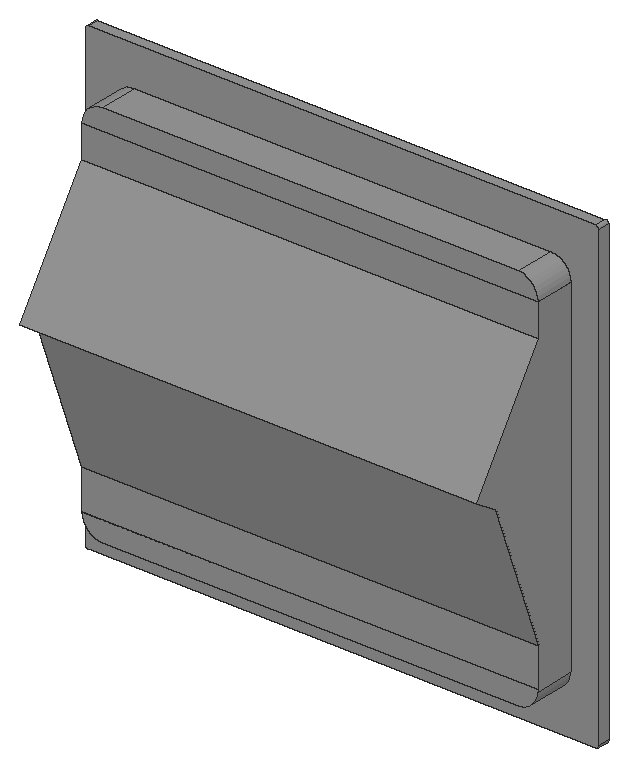
Revit family "L&L_LUCE&LIGHT_PASITO_1.1", category Lighting Fixtures, host Wall, Revit 2018 (continued)
Types (2, lengths in mm): name | built-in parameter 1150142 | Photometric Web File
    0 0.00 0.00 0.00 0.00 \r\n0.00 0.00 0.00 0.00 0.00 0.00 0.00 0.00 0.00 0.00 0.00 \r\n0.00 0.00 0.00 0.00 0.00 0.00 0.00 0.00 0.00 0.00 0.00 \r\n0.00 0.00 0.00 0.00 0.00 0.00 0.00 0.00 0.00 0.00 0.00 \r\n0.00 0.00 0.00 0.00 0.02 \r\n0.07 0.00 0.00 0.00 0.00 0.00 0.00 0.00 0.00 0.00 0.00 \r\n0.00 0.00 0.00 0.00 0.00 0.00 0.00 0.00 0.00 0.00 0.00 \r\n0.00 0.00 0.00 0.00 0.00 0.00 0.00 0.00 0.00 0.00 0.00 \r\n0.00 0.00 0.00 0.00 0.00 0.00 0.00 0.00 0.00 0.00 0.00 \r\n0.00 0.00 0.00 0.00 0.00 0.00 0.00 0.00 0.00 0.00 0.00 \r\n0.00 0.00 0.00 0.00 0.00 0.00 0.00 0.00 0.00 0.00 0.00 \r\n0.00 0.00 0.00 0.00 0.00 0.00 0.00 0.00 0.00 0.00 0.00 \r\n0.00 0.00 0.00 0.00 0.00 0.00 0.00 0.00 0.00 0.00 0.00 \r\n0.00 0.00 0.00 0.00 0.00 0.00 0.00 0.00 0.00 0.00 0.00 \r\n0.00 0.00 0.00 0.00 0.00 0.00 0.00 0.00 0.00 0.00 0.00 \r\n0.00 0.00 0.00 0.00 0.00 0.00 0.00 0.00 0.00 0.00 0.00 \r\n0.00 0.00 0.00 0.00 0.00 0.00 0.00 0.00 0.00 0.00 0.00 \r\n0.00 0.00 0.00 0.00 0.00 0.00 0.00 0.00 0.00 0.00 0.00 \r\n0.00 0.00 0.00 0.00 0.00 0.00 0.00 0.00 0.00 0.00 0.00 \r\n0.00 0.00 0.00 0.00 0.00 0.00 0.00 0.00 0.00 0.00 0.00 \r\n0.00 0.00 0.00 0.00 0.00 0.00 0.00 0.00 0.00 0.00 0.00 \r\n0.00 0.00 0.00 0.00 0.02 \r\n0.07 0.00 0.00 0.00 0.00 0.00 0.00 0.00 0.00 0.00 0.00 \r\n0.00 0.00 0.00 0.00 0.00 0.00 0.00 0.00 0.00 0.00 0.00 \r\n0.00 0.00 0.00 0.00 0.00 0.00 0.00 0.00 0.00 0.00 0.00 \r\n0.00 0.00 0.00 0.00 0.00 0.00 0.00 0.00 0.00 0.00 0.00 \r\n0.00 0.00 0.00 0.00 0.00 0.00 0.00 0.00 0.00 0.00 0.00 \r\n0.00 0.00 0.00 0.00 0.00 0.00 0.00 0.00 0.00 0.00 0.00 \r\n0.00 0.00 0.00 0.00 0.00 0.00 0.00 0.00 0.00 0.00 0.00 \r\n0.00 0.00 0.00 0.00 0.00 0.00 0.00 0.00 0.00 0.00 0.00 \r\n0.00 0.00 0.00 0.00 0.00 0.00 0.00 0.00 0.00 0.00 0.00 \r\n0.00 0.00 0.00 0.00 0.00 0.00 0.00 0.00 0.00 0.00 0.00 \r\n0.00 0.00 0.00 0.00 0.00 0.00 0.00 0.00 0.00 0.00 0.00 \r\n0.00 0.00 0.00 0.00 0.00 0.00 0.00 0.00 0.00 0.00 0.00 \r\n0.00 0.00 0.00 0.00 0.00 0.00 0.00 0.00 0.00 0.00 0.00 \r\n0.00 0.00 0.00 0.00 0.00 0.00 0.00 0.00 0.00 0.00 0.00 \r\n0.00 0.00 0.00 0.00 0.00 0.00 0.00 0.00 0.00 0.00 0.00 \r\n0.00 0.00 0.00 0.00 0.00 0.00 0.00 0.00 0.00 0.00 0.00 \r\n0.00 0.00 0.00 0.00 0.02 \r\n0.07 0.00 0.00 0.00 0.00 0.00 0.00 0.00 0.00 0.00 0.00 \r\n0.00 0.00 0.00 0.00 0.00 0.00 0.00 0.00 0.00 0.00 0.00 \r\n0.00 0.00 0.00 0.00 0.00 0.00 0.00 0.00 0.00 0.00 0.00 \r\n0.00 0.00 0.00 0.00 0.00 0.00 0.00 0.00 0.00 0.00 0.00 \r\n0.00 0.00 0.00 0.00 0.00 0.00 0.00 0.00 0.00 0.00 0.00 \r\n0.00 0.00 0.00 0.00 0.00 0.00 0.00 0.00 0.00 0.00 0.00 \r\n0.00 0.00 0.00 0.00 0.00 0.00 0.00 0.00 0.00 0.00 0.00 \r\n0.00 0.00 0.00 0.00 0.00 0.00 0.00 0.00 0.00 0.00 0.00 \r\n0.00 0.00 0.00 0.00 0.00 0.00 0.00 0.00 0.00 0.00 0.00 \r\n0.00 0.00 0.00 0.00 0.00 0.00 0.00 0.00 0.00 0.00 0.00 \r\n0.00 0.00 0.00 0.00 0.00 0.00 0.00 0.00 0.00 0.00 0.00 \r\n0.00 0.00 0.00 0.00 0.00 0.00 0.00 0.00 0.00 0.00 0.00 \r\n0.00 0.00 0.00 0.00 0.00 0.00 0.00 0.00 0.00 0.00 0.00 \r\n0.00 0.00 0.00 0.00 0.00 0.00 0.00 0.00 0.00 0.00 0.00 \r\n0.00 0.00 0.00 0.00 0.00 0.00 0.00 0.00 0.00 0.00 0.00 \r\n0.00 0.00 0.00 0.00 0.00 0.00 0.00 0.00 0.00 0.00 0.00 \r\n0.00 0.00 0.00 0.00 0.02 \r\n0.07 0.00 0.00 0.00 0.00 0.00 0.00 0.00 0.00 0.00 0.00 \r\n0.00 0.00 0.00 0.00 0.00 0.00 0.00 0.00 0.00 0.00 0.00 \r\n0.00 0.00 0.00 0.00 0.00 0.00 0.00 0.00 0.00 0.00 0.00 \r\n0.00 0.00 0.00 0.00 0.00 0.00 0.00 0.00 0.00 0.00 0.00 \r\n0.00 0.00 0.00 0.00 0.00 0.00 0.00 0.00 0.00 0.00 0.00 \r\n0.00 0.00 0.00 0.00 0.00 0.00 0.00 0.00 0.00 0.00 0.00 \r\n0.00 0.00 0.00 0.00 0.00 0.00 0.00 0.00 0.00 0.00 0.00 \r\n0.00 0.00 0.00 0.00 0.00 0.00 0.00 0.00 0.00 0.00 0.00 \r\n0.00 0.00 0.00 0.00 0.00 0.00 0.00 0.00 0.00 0.00 0.00 \r\n0.00 0.00 0.00 0.00 0.00 0.00 0.00 0.00 0.00 0.00 0.00 \r\n0.00 0.00 0.00 0.00 0.00 0.00 0.00 0.00 0.00 0.00 0.00 \r\n0.00 0.00 0.00 0.00 0.00 0.00 0.00 0.00 0.00 0.00 0.00 \r\n0.00 0.00 0.00 0.00 0.00 0.00 0.00 0.00 0.00 0.00 0.00 \r\n0.00 0.00 0.00 0.00 0.00 0.00 0.00 0.00 0.00 0.00 0.00 \r\n0.00 0.00 0.00 0.00 0.00 0.00 0.00 0.00 0.00 0.00 0.00 \r\n0.00 0.00 0.00 0.00 0.00 0.00 0.00 0.00 0.00 0.00 0.00 \r\n0.00 0.00 0.00 0.00 0.02 \r\n0.07 0.00 0.00 0.00 0.00 0.00 0.00 0.00 0.00 0.00 0.00 \r\n0.00 0.00 0.00 0.00 0.00 0.00 0.00 0.00 0.00 0.00 0.00 \r\n0.00 0.00 0.00 0.00 0.00 0.00 0.00 0.00 0.00 0.00 0.00 \r\n0.00 0.00 0.00 0.00 0.00 0.00 0.00 0.00 0.00 0.00 0.00 \r\n0.00 0.00 0.00 0.00 0.00 0.00 0.00 0.00 0.00 0.00 0.00 \r\n0.00 0.00 0.00 0.00 0.00 0.00 0.00 0.00 0.00 0.00 0.00 \r\n0.00 0.00 0.00 0.00 0.00 0.00 0.00 0.00 0.00 0.00 0.00 \r\n0.00 0.00 0.00 0.00 0.00 0.00 0.00 0.00 0.00 0.00 0.00 \r\n0.00 0.00 0.00 0.00 0.00 0.00 0.00 0.00 0.00 0.00 0.00 \r\n0.00 0.00 0.00 0.00 0.00 0.00 0.00 0.00 0.00 0.00 0.00 \r\n0.00 0.00 0.00 0.00 0.00 0.00 0.00 0.00 0.00 0.00 0.00 \r\n0.00 0.00 0.00 0.00 0.00 0.00 0.00 0.00 0.00 0.00 0.00 \r\n0.00 0.00 0.00 0.00 0.00 0.00 0.00 0.00 0.00 0.00 0.00 \r\n0.00 0.00 0.00 0.00 0.00 0.00 0.00 0.00 0.00 0.00 0.00 \r\n0.00 0.00 0.00 0.00 0.00 0.00 0.00 0.00 0.00 0.00 0.00 \r\n0.00 0.00 0.00 0.00 0.00 0.00 0.00 0.00 0.00 0.00 0.00 \r\n0.00 0.00 0.00 0.00 0.02 \r\n0.07 0.00 0.00 0.00 0.00 0.00 0.00 0.00 0.00 0.00 0.00 \r\n0.00 0.00 0.00 0.00 0.00 0.00 0.00 0.00 0.00 0.00 0.00 \r\n0.00 0.00 0.00 0.00 0.00 0.00 0.00 0.00 0.00 0.00 0.00 \r\n0.00 0.00 0.00 0.00 0.00 0.00 0.00 0.00 0.00 0.00 0.00 \r\n0.00 0.00 0.00 0.00 0.00 0.00 0.00 0.00 0.00 0.00 0.00 \r\n0.00 0.00 0.00 0.00 0.00 0.00 0.00 0.00 0.00 0.00 0.00 \r\n0.00 0.00 0.00 0.00 0.00 0.00 0.00 0.00 0.00 0.00 0.00 \r\n0.00 0.00 0.00 0.00 0.00 0.00 0.00 0.00 0.00 0.00 0.00 \r\n0.00 0.00 0.00 0.00 0.00 0.00 0.00 0.00 0.00 0.00 0.00 \r\n0.00 0.00 0.00 0.00 0.00 0.00 0.00 0.00 0.00 0.00 0.00 \r\n0.00 0.00 0.00 0.00 0.00 0.00 0.00 0.00 0.00 0.00 0.00 \r\n0.00 0.00 0.00 0.00 0.00 0.00 0.00 0.00 0.00 0.00 0.00 \r\n0.00 0.00 0.00 0.00 0.00 0.00 0.00 0.00 0.00 0.00 0.00 \r\n0.00 0.00 0.00 0.00 0.00 0.00 0.00 0.00 0.00 0.00 0.00 \r\n0.00 0.00 0.00 0.00 0.00 0.00 0.00 0.00 0.00 0.00 0.00 \r\n0.00 0.00 0.00 0.00 0.00 0.00 0.00 0.00 0.00 0.00 0.00 \r\n0.00 0.00 0.00 0.00 0.02 \r\n0.07 0.00 0.00 0.00 0.00 0.00 0.00 0.00 0.00 0.00 0.00 \r\n0.00 0.00 0.00 0.00 0.00 0.00 0.00 0.00 0.00 0.00 0.00 \r\n0.00 0.00 0.00 0.00 0.00 0.00 0.00 0.00 0.00 0.00 0.00 \r\n0.00 0.00 0.00 0.00 0.00 0.00 0.00 0.00 0.00 0.00 0.00 \r\n0.00 0.00 0.00 0.00 0.00 0.00 0.00 0.00 0.00 0.00 0.00 \r\n0.00 0.00 0.00 0.00 0.00 0.00 0.00 0.00 0.00 0.00 0.00 \r\n0.00 0.00 0.00 0.00 0.00 0.00 0.00 0.00 0.00 0.00 0.00 \r\n0.00 0.00 0.00 0.00 0.00 0.00 0.00 0.00 0.00 0.00 0.00 \r\n0.00 0.00 0.00 0.00 0.00 0.00 0.00 0.00 0.00 0.00 0.00 \r\n0.00 0.00 0.00 0.00 0.00 0.00 0.00 0.00 0.00 0.00 0.00 \r\n0.00 0.00 0.00 0.00 0.00 0.00 0.00 0.00 0.00 0.00 0.00 \r\n0.00 0.00 0.00 0.00 0.00 0.00 0.00 0.00 0.00 0.00 0.00 \r\n0.00 0.00 0.00 0.00 0.00 0.00 0.00 0.00 0.00 0.00 0.00 \r\n0.00 0.00 0.00 0.00 0.00 0.00 0.00 0.00 0.00 0.00 0.00 \r\n0.00 0.00 0.00 0.00 0.00 0.00 0.00 0.00 0.00 0.00 0.00 \r\n0.00 0.00 0.00 0.00 0.00 0.00 0.00 0.00 0.00 0.00 0.00 \r\n0.00 0.00 0.00 0.00 0.02 \r\n0.07 0.00 0.00 0.00 0.00 0.00 0.00 0.00 0.00 0.00 0.00 \r\n0.00 0.00 0.00 0.00 0.00 0.00 0.00 0.00 0.00 0.00 0.00 \r\n0.00 0.00 0.00 0.00 0.00 0.00 0.00 0.00 0.00 0.00 0.00 \r\n0.00 0.00 0.00 0.00 0.00 0.00 0.00 0.00 0.00 0.00 0.00 \r\n0.00 0.00 0.00 0.00 0.00 0.00 0.00 0.00 0.00 0.00 0.00 \r\n0.00 0.00 0.00 0.00 0.00 0.00 0.00 0.00 0.00 0.00 0.00 \r\n0.00 0.00 0.00 0.00 0.00 0.00 0.00 0.00 0.00 0.00 0.00 \r\n0.00 0.00 0.00 0.00 0.00 0.00 0.00 0.00 0.00 0.00 0.00 \r\n0.00 0.00 0.00 0.00 0.00 0.00 0.00 0.00 0.00 0.00 0.00 \r\n0.00 0.00 0.00 0.00 0.00 0.00 0.00 0.00 0.00 0.00 0.00 \r\n0.00 0.00 0.00 0.00 0.00 0.00 0.00 0.00 0.00 0.00 0.00 \r\n0.00 0.00 0.00 0.00 0.00 0.00 0.00 0.00 0.00 0.00 0.00 \r\n0.00 0.00 0.00 0.00 0.00 0.00 0.00 0.00 0.00 0.00 0.00 \r\n0.00 0.00 0.00 0.00 0.00 0.00 0.00 0.00 0.00 0.00 0.00 \r\n0.00 0.00 0.00 0.00 0.00 0.00 0.00 0.00 0.00 0.00 0.00 \r\n0.00 0.00 0.00 0.00 0.00 0.00 0.00 0.00 0.00 0.00 0.00 \r\n0.00 0.00 0.00 0.00 0.02 \r\n0.07 0.01 0.00 0.00 0.00 0.00 0.00 0.00 0.00 0.00 0.00 \r\n0.00 0.00 0.00 0.00 0.00 0.00 0.00 0.00 0.00 0.00 0.00 \r\n0.00 0.00 0.00 0.00 0.00 0.00 0.00 0.00 0.00 0.00 0.00 \r\n0.00 0.00 0.00 0.00 0.00 0.00 0.00 0.00 0.00 0.00 0.00 \r\n0.00 0.00 0.00 0.00 0.00 0.00 0.00 0.00 0.00 0.00 0.00 \r\n0.00 0.00 0.00 0.00 0.00 0.00 0.00 0.00 0.00 0.00 0.00 \r\n0.00 0.00 0.00 0.00 0.00 0.00 0.00 0.00 0.00 0.00 0.00 \r\n0.00 0.00 0.00 0.00 0.00 0.00 0.00 0.00 0.00 0.00 0.00 \r\n0.00 0.00 0.00 0.00 0.00 0.00 0.00 0.00 0.00 0.00 0.00 \r\n0.00 0.00 0.00 0.00 0.00 0.00 0.00 0.00 0.00 0.00 0.00 \r\n0.00 0.00 0.00 0.00 0.00 0.00 0.00 0.00 0.00 0.00 0.00 \r\n0.00 0.00 0.00 0.00 0.00 0.00 0.00 0.00 0.00 0.00 0.00 \r\n0.00 0.00 0.00 0.00 0.00 0.00 0.00 0.00 0.00 0.00 0.00 \r\n0.00 0.00 0.00 0.00 0.00 0.00 0.00 0.00 0.00 0.00 0.00 \r\n0.00 0.00 0.00 0.00 0.00 0.00 0.00 0.00 0.00 0.00 0.00 \r\n0.00 0.00 0.00 0.00 0.00 0.00 0.00 0.00 0.00 0.00 0.00 \r\n0.00 0.00 0.00 0.00 0.02 \r\n0.07 0.01 0.00 0.00 0.00 0.00 0.00 0.00 0.00 0.00 0.00 \r\n0.00 0.00 0.00 0.00 0.00 0.00 0.00 0.00 0.00 0.00 0.00 \r\n0.00 0.00 0.00 0.00 0.00 0.00 0.00 0.00 0.00 0.00 0.00 \r\n0.00 0.00 0.00 0.00 0.00 0.00 0.00 0.00 0.00 0.00 0.00 \r\n0.00 0.00 0.00 0.00 0.00 0.00 0.00 0.00 0.00 0.00 0.00 \r\n0.00 0.00 0.00 0.00 0.00 0.00 0.00 0.00 0.00 0.00 0.00 \r\n0.00 0.00 0.00 0.00 0.00 0.00 0.00 0.00 0.00 0.00 0.00 \r\n0.00 0.00 0.00 0.00 0.00 0.00 0.00 0.00 0.00 0.00 0.00 \r\n0.00 0.00 0.00 0.00 0.00 0.00 0.00 0.00 0.00 0.00 0.00 \r\n0.00 0.00 0.00 0.00 0.00 0.00 0.00 0.00 0.00 0.00 0.00 \r\n0.00 0.00 0.00 0.00 0.00 0.00 0.00 0.00 0.00 0.00 0.00 \r\n0.00 0.00 0.00 0.00 0.00 0.00 0.00 0.00 0.00 0.00 0.00 \r\n0.00 0.00 0.00 0.00 0.00 0.00 0.00 0.00 0.00 0.00 0.00 \r\n0.00 0.00 0.00 0.00 0.00 0.00 0.00 0.00 0.00 0.00 0.00 \r\n0.00 0.00 0.00 0.00 0.00 0.00 0.00 0.00 0.00 0.00 0.00 \r\n0.00 0.00 0.00 0.00 0.00 0.00 0.00 0.00 0.00 0.00 0.00 \r\n0.00 0.00 0.00 0.00 0.02 \r\n0.07 0.01 0.00 0.00 0.00 0.00 0.00 0.00 0.00 0.00 0.00 \r\n0.00 0.00 0.00 0.00 0.00 0.00 0.00 0.00 0.00 0.00 0.00 \r\n0.00 0.00 0.00 0.00 0.00 0.00 0.00 0.00 0.00 0.00 0.00 \r\n0.00 0.00 0.00 0.00 0.00 0.00 0.00 0.00 0.00 0.00 0.00 \r\n0.00 0.00 0.00 0.00 0.00 0.00 0.00 0.00 0.00 0.00 0.00 \r\n0.00 0.00 0.00 0.00 0.00 0.00 0.00 0.00 0.00 0.00 0.00 \r\n0.00 0.00 0.00 0.00 0.00 0.00 0.00 0.00 0.00 0.00 0.00 \r\n0.00 0.00 0.00 0.00 0.00 0.00 0.00 0.00 0.00 0.00 0.00 \r\n0.00 0.00 0.00 0.00 0.00 0.00 0.00 0.00 0.00 0.00 0.00 \r\n0.00 0.00 0.00 0.00 0.00 0.00 0.00 0.00 0.00 0.00 0.00 \r\n0.00 0.00 0.00 0.00 0.00 0.00 0.00 0.00 0.00 0.00 0.00 \r\n0.00 0.00 0.00 0.00 0.00 0.00 0.00 0.00 0.00 0.00 0.00 \r\n0.00 0.00 0.00 0.00 0.00 0.00 0.00 0.00 0.00 0.00 0.00 \r\n0.00 0.00 0.00 0.00 0.00 0.00 0.00 0.00 0.00 0.00 0.00 \r\n0.00 0.00 0.00 0.00 0.00 0.00 0.00 0.00 0.00 0.00 0.00 \r\n0.00 0.00 0.00 0.00 0.00 0.00 0.00 0.00 0.00 0.00 0.00 \r\n0.00 0.00 0.00 0.00 0.02 \r\n0.07 0.02 0.00 0.00 0.00 0.00 0.00 0.00 0.00 0.00 0.00 \r\n0.00 0.00 0.00 0.00 0.00 0.00 0.00 0.00 0.00 0.00 0.00 \r\n0.00 0.00 0.00 0.00 0.00 0.00 0.00 0.00 0.00 0.00 0.00 \r\n0.00 0.00 0.00 0.00 0.00 0.00 0.00 0.00 0.00 0.00 0.00 \r\n0.00 0.00 0.00 0.00 0.00 0.00 0.00 0.00 0.00 0.00 0.00 \r\n0.00 0.00 0.00 0.00 0.00 0.00 0.00 0.00 0.00 0.00 0.00 \r\n0.00 0.00 0.00 0.00 0.00 0.00 0.00 0.00 0.00 0.00 0.00 \r\n0.00 0.00 0.00 0.00 0.00 0.00 0.00 0.00 0.00 0.00 0.00 \r\n0.00 0.00 0.00 0.00 0.00 0.00 0.00 0.00 0.00 0.00 0.00 \r\n0.00 0.00 0.00 0.00 0.00 0.00 0.00 0.00 0.00 0.00 0.00 \r\n0.00 0.00 0.00 0.00 0.00 0.00 0.00 0.00 0.00 0.00 0.00 \r\n0.00 0.00 0.00 0.00 0.00 0.00 0.00 0.00 0.00 0.00 0.00 \r\n0.00 0.00 0.00 0.00 0.00 0.00 0.00 0.00 0.00 0.00 0.00 \r\n0.00 0.00 0.00 0.00 0.00 0.00 0.00 0.00 0.00 0.00 0.00 \r\n0.00 0.00 0.00 0.00 0.00 0.00 0.00 0.00 0.00 0.00 0.00 \r\n0.00 0.00 0.00 0.00 0.00 0.00 0.00 0.00 0.00 0.00 0.00 \r\n0.00 0.00 0.00 0.00 0.02 \r\n0.07 0.02 0.00 0.00 0.00 0.00 0.00 0.00 0.00 0.00 0.00 \r\n0.00 0.00 0.00 0.00 0.00 0.00 0.00 0.00 0.00 0.00 0.00 \r\n0.00 0.00 0.00 0.00 0.00 0.00 0.00 0.00 0.00 0.00 0.00 \r\n0.00 0.00 0.00 0.00 0.00 0.00 0.00 0.00 0.00 0.00 0.00 \r\n0.00 0.00 0.00 0.00 0.00 0.00 0.00 0.00 0.00 0.00 0.00 \r\n0.00 0.00 0.00 0.00 0.00 0.00 0.00 0.00 0.00 0.00 0.00 \r\n0.00 0.00 0.00 0.00 0.00 0.00 0.00 0.00 0.00 0.00 0.00 \r\n0.00 0.00 0.00 0.00 0.00 0.00 0.00 0.00 0.00 0.00 0.00 \r\n0.00 0.00 0.00 0.00 0.00 0.00 0.00 0.00 0.00 0.00 0.00 \r\n0.00 0.00 0.00 0.00 0.00 0.00 0.00 0.00 0.00 0.00 0.00 \r\n0.00 0.00 0.00 0.00 0.00 0.00 0.00 0.00 0.00 0.00 0.00 \r\n0.00 0.00 0.00 0.00 0.00 0.00 0.00 0.00 0.00 0.00 0.00 \r\n0.00 0.00 0.00 0.00 0.00 0.00 0.00 0.00 0.00 0.00 0.00 \r\n0.00 0.00 0.00 0.00 0.00 0.00 0.00 0.00 0.00 0.00 0.00 \r\n0.00 0.00 0.00 0.00 0.00 0.00 0.00 0.00 0.00 0.00 0.00 \r\n0.00 0.00 0.00 0.00 0.00 0.00 0.00 0.00 0.00 0.00 0.00 \r\n0.00 0.00 0.00 0.00 0.02 \r\n0.07 0.03 0.00 0.00 0.00 0.00 0.00 0.00 0.00 0.00 0.00 \r\n0.00 0.00 0.00 0.00 0.00 0.00 0.00 0.00 0.00 0.00 0.00 \r\n0.00 0.00 0.00 0.00 0.00 0.00 0.00 0.00 0.00 0.00 0.00 \r\n0.00 0.00 0.00 0.00 0.00 0.00 0.00 0.00 0.00 0.00 0.00 \r\n0.00 0.00 0.00 0.00 0.00 0.00 0.00 0.00 0.00 0.00 0.00 \r\n0.00 0.00 0.00 0.00 0.00 0.00 0.00 0.00 0.00 0.00 0.00 \r\n0.00 0.00 0.00 0.00 0.00 0.00 0.00 0.00 0.00 0.00 0.00 \r\n0.00 0.00 0.00 0.00 0.00 0.00 0.00 0.00 0.00 0.00 0.00 \r\n0.00 0.00 0.00 0.00 0.00 0.00 0.00 0.00 0.00 0.00 0.00 \r\n0.00 0.00 0.00 0.00 0.00 0.00 0.00 0.00 0.00 0.00 0.00 \r\n0.00 0.00 0.00 0.00 0.00 0.00 0.00 0.00 0.00 0.00 0.00 \r\n0.00 0.00 0.00 0.00 0.00 0.00 0.00 0.00 0.00 0.00 0.00 \r\n0.00 0.00 0.00 0.00 0.00 0.00 0.00 0.00 0.00 0.00 0.00 \r\n0.00 0.00 0.00 0.00 0.00 0.00 0.00 0.00 0.00 0.00 0.00 \r\n0.00 0.00 0.00 0.00 0.00 0.00 0.00 0.00 0.00 0.00 0.00 \r\n0.00 0.00 0.00 0.00 0.00 0.00 0.00 0.00 0.00 0.00 0.00 \r\n0.00 0.00 0.00 0.01 0.02 \r\n0.07 0.03 0.00 0.00 0.00 0.00 0.00 0.00 0.00 0.00 0.00 \r\n0.00 0.00 0.00 0.00 0.00 0.00 0.00 0.00 0.00 0.00 0.00 \r\n0.00 0.00 0.00 0.00 0.00 0.00 0.00 0.00 0.00 0.00 0.00 \r\n0.00 0.00 0.00 0.00 0.00 0.00 0.00 0.00 0.00 0.00 0.00 \r\n0.00 0.00 0.00 0.00 0.00 0.00 0.00 0.00 0.00 0.00 0.00 \r\n0.00 0.00 0.00 0.00 0.00 0.00 0.00 0.00 0.00 0.00 0.00 \r\n0.00 0.00 0.00 0.00 0.00 0.00 0.00 0.00 0.00 0.00 0.00 \r\n0.00 0.00 0.00 0.00 0.00 0.00 0.00 0.00 0.00 0.00 0.00 \r\n0.00 0.00 0.00 0.00 0.00 0.00 0.00 0.00 0.00 0.00 0.00 \r\n0.00 0.00 0.00 0.00 0.00 0.00 0.00 0.00 0.00 0.00 0.00 \r\n0.00 0.00 0.00 0.00 0.00 0.00 0.00 0.00 0.00 0.00 0.00 \r\n0.00 0.00 0.00 0.00 0.00 0.00 0.00 0.00 0.00 0.00 0.00 \r\n0.00 0.00 0.00 0.00 0.00 0.00 0.00 0.00 0.00 0.00 0.00 \r\n0.00 0.00 0.00 0.00 0.00 0.00 0.00 0.00 0.00 0.00 0.00 \r\n0.00 0.00 0.00 0.00 0.00 0.00 0.00 0.00 0.00 0.00 0.00 \r\n0.00 0.00 0.00 0.00 0.00 0.00 0.00 0.00 0.00 0.00 0.00 \r\n0.00 0.00 0.00 0.01 0.02 \r\n0.07 0.04 0.00 0.00 0.00 0.00 0.00 0.00 0.00 0.00 0.00 \r\n0.00 0.00 0.00 0.00 0.00 0.00 0.00 0.00 0.00 0.00 0.00 \r\n0.00 0.00 0.00 0.00 0.00 0.00 0.00 0.00 0.00 0.00 0.00 \r\n0.00 0.00 0.00 0.00 0.00 0.00 0.00 0.00 0.00 0.00 0.00 \r\n0.00 0.00 0.00 0.00 0.00 0.00 0.00 0.00 0.00 0.00 0.00 \r\n0.00 0.00 0.00 0.00 0.00 0.00 0.00 0.00 0.00 0.00 0.00 \r\n0.00 0.00 0.00 0.00 0.00 0.00 0.00 0.00 0.00 0.00 0.00 \r\n0.00 0.00 0.00 0.00 0.00 0.00 0.00 0.00 0.00 0.00 0.00 \r\n0.00 0.00 0.00 0.00 0.00 0.00 0.00 0.00 0.00 0.00 0.00 \r\n0.00 0.00 0.00 0.00 0.00 0.00 0.00 0.00 0.00 0.00 0.00 \r\n0.00 0.00 0.00 0.00 0.00 0.00 0.00 0.00 0.00 0.00 0.00 \r\n0.00 0.00 0.00 0.00 0.00 0.00 0.00 0.00 0.00 0.00 0.00 \r\n0.00 0.00 0.00 0.00 0.00 0.00 0.00 0.00 0.00 0.00 0.00 \r\n0.00 0.00 0.00 0.00 0.00 0.00 0.00 0.00 0.00 0.00 0.00 \r\n0.00 0.00 0.00 0.00 0.00 0.00 0.00 0.00 0.00 0.00 0.00 \r\n0.00 0.00 0.00 0.00 0.00 0.00 0.00 0.00 0.00 0.00 0.00 \r\n0.00 0.00 0.00 0.01 0.02 \r\n0.07 0.04 0.01 0.00 0.00 0.00 0.00 0.00 0.00 0.00 0.00 \r\n0.00 0.00 0.00 0.00 0.00 0.00 0.00 0.00 0.00 0.00 0.00 \r\n0.00 0.00 0.00 0.00 0.00 0.00 0.00 0.00 0.00 0.00 0.00 \r\n0.00 0.00 0.00 0.00 0.00 0.00 0.00 0.00 0.00 0.00 0.00 \r\n0.00 0.00 0.00 0.00 0.00 0.00 0.00 0.00 0.00 0.00 0.00 \r\n0.00 0.00 0.00 0.00 0.00 0.00 0.00 0.00 0.00 0.00 0.00 \r\n0.00 0.00 0.00 0.00 0.00 0.00 0.00 0.00 0.00 0.00 0.00 \r\n0.00 0.00 0.00 0.00 0.00 0.00 0.00 0.00 0.00 0.00 0.00 \r\n0.00 0.00 0.00 0.00 0.00 0.00 0.00 0.00 0.00 0.00 0.00 \r\n0.00 0.00 0.00 0.00 0.00 0.00 0.00 0.00 0.00 0.00 0.00 \r\n0.00 0.00 0.00 0.00 0.00 0.00 0.00 0.00 0.00 0.00 0.00 \r\n0.00 0.00 0.00 0.00 0.00 0.00 0.00 0.00 0.00 0.00 0.00 \r\n0.00 0.00 0.00 0.00 0.00 0.00 0.00 0.00 0.00 0.00 0.00 \r\n0.00 0.00 0.0
